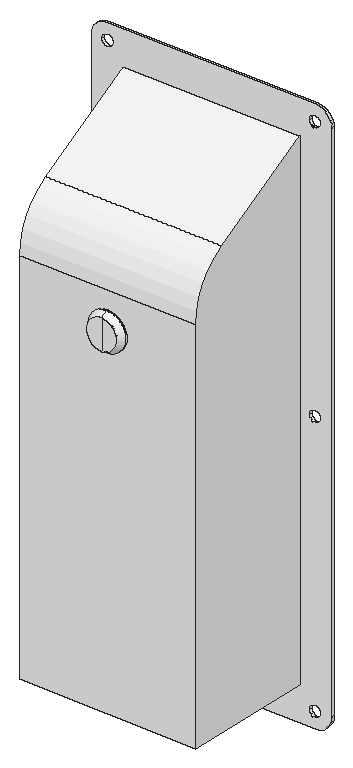
Revit family "KingswayGroup_TltPprDspnsrs_Anti-LigatureToiletTissueDispenser", category Specialty Equipment, Revit 2020
Family settings
  Round Connector Dimension = Use Diameter
  Part Type = Normal
  Work Plane-Based = No
  Always vertical = Yes
  Cut with Voids When Loaded = No
  Shared = No
  Room Calculation Point = No
Parameters
  WarrantyStartDate [instance] = "1900-12-31T23:59:59"
  WarrantyGuarantorParts = "sales@kingswaygroup.co.uk"
  WarrantyGuarantorLabor = "n/a"
  WarrantyDurationUnit = "year"
  WarrantyDurationParts = "5"
  WarrantyDurationLabor = "n/a"
  WarrantyDescription = "5-Year Guarantee *For faulty manufacture and not for damage"
  Version = "1"
  Uniclass2015Version = "Products v1.36"
  Uniclass2015Title = "Toilet paper dispensers"
  Uniclass2015Code = "Pr_40_70_22_90"
  URL = "https://kingswaygroupglobal.com/"
  TagNumber [instance] = "n/a"
  SustainabilityPerformance = "n/a"
  Size = "191 x 445 x 111 mm"
  Shape = "n/a"
  SerialNumber [instance] = "n/a"
  Revision = "n/a"
  ReplacementCost = "n/a"
  ProductInformation = "https://kingswaygroupglobal.com/product/anti-ligature-toilet-tissue-dispenser?noredirect=true"
  NominalWidth = 111 mm  # constant formula
  NominalLength = 191 mm  # constant formula
  NominalHeight = 445 mm  # constant formula
  Name = "ToiletPaperDispensers_Anti-LigatureToiletTissueDispenser_KG01_KingswayGroup"
  ModelReference = "Anti-Ligature Toilet Tissue Dispenser"
  ModelNumber = "KG01"
  Model = ModelNumber  # "KG01"
  DispenserMaterial = NBS_Concept
  Material = "Stainless Steel"
  ManufacturerURL = "https://kingswaygroupglobal.com/"
  ManufacturerName = "Kingsway Group"  # constant formula
  Manufacturer = ManufacturerName  # "Kingsway Group"
  InstallationDate [instance] = "1900-12-31T23:59:59"
  IfcExportType = "n/a"  # constant formula
  IfcExportAs = "n/a"  # constant formula
  Grade = "316"
  Finish = "For full range of available finishes and colours, contact Kingsway Group"
  Features = "A secure locking Anti-Ligature Toilet Tissue Dispenser manufactured from 316 grade stainless steel for high durability against corrosion and abuse. The KG01 Anti-Ligature Toilet Tissue Dispenser is designed to reduce risk and improve patient safety within the most challenging environments."
  ExpectedLife = "n/a"
  DurationUnit = "year"
  Description = "Toilet Tissue Dispenser"
  Default Elevation = 0 mm
  Constituents = "n/a"
  Color = "For full range of available finishes and colours, contact Kingsway Group"
  CodePerformance = "n/a"
  Category = "Pr_40_70_22_90:Toilet paper dispensers"
  BarCode [instance] = "n/a"
  BIMObjectName = "KingswayGroup_ToiletPaperDispensers_Anti-LigatureToiletTissueDispenser"
  Author = "Kingsway Group"  # constant formula
  AssetType = "Fixed"
  AssetIdentifier [instance] = "n/a"
  AccessibilityPerformance = "n/a"
Reference planes
  plane 1 "Center (Front/Back)": y = 0
  plane 2: z = 0
  plane 3 "Center (Left/Right)": x = 0
Forms (mm)
  Extrusion 1, solid, material "NBS_Concept" <- "DispenserMaterial"
    sketch origin (0, 0, 0) x (1, 0, 0) y (0, 0, 1)
      loop
        arc (-95.5, 12.691) -> (-91.783, 3.717) -> (-82.809, 0) r 12.691
        line (-82.809, 0) -> (82.809, 0)
        arc (82.809, 0) -> (91.783, 3.717) -> (95.5, 12.691) r 12.691
        line (95.5, 12.691) -> (95.5, 432.306)
        arc (95.5, 432.306) -> (91.782, 441.282) -> (82.806, 445) r 12.694
        line (82.806, 445) -> (-82.806, 445)
        arc (-82.806, 445) -> (-91.782, 441.282) -> (-95.5, 432.306) r 12.694
        line (-95.5, 432.306) -> (-95.5, 12.691)
      loop
        circle (-82.5, 432.5) r 4.512
      loop
        circle (82.5, 432.5) r 4.512
      loop
        circle (82.5, 222.5) r 4.512
      loop
        circle (82.5, 12.5) r 4.512
      loop
        circle (-82.5, 222.5) r 4.512
      loop
        circle (-82.5, 12.5) r 4.512
    from 0 to 2
  Extrusion 2, solid, material "NBS_Concept" <- "DispenserMaterial"
    sketch origin (-70, 0, 0) x (0, 1, 0) y (0, 0, 1)
      loop
        line (-2, 27.003) -> (-2, 418.003) -> (-78.982, 373.565)
        arc (-78.982, 373.565) -> (-98.028, 354.52) -> (-105, 328.503) r 52.031
        line (-105, 328.503) -> (-105, 27.003) -> (-2, 27.003)
    from 0 to 140
  Revolve 3, solid, material "NBS_Concept" <- "DispenserMaterial"
    sketch origin (-0.069, 1.751, 250.527) x (0, 1, 0) y (0, 0, 1)
      loop
        line (-106.751, 64.103) -> (-107.646, 64.103) -> (-112.751, 61.035) -> (-112.751, 49.103) -> (-106.751, 49.103) -> (-106.751, 64.103)
      axis (-106.751, 49.103) -> (-112.751, 49.103)
    angle from 0 to 360
  Extrusion 4, solid, material "NBS_Concept" <- "DispenserMaterial"
    sketch origin (-67.678, -103.262, -109.347) x (0, 1, 0) y (0, 0, 1)
      loop
        line (0, 169.575) -> (0, 136.35) -> (36.039, 136.35)
        arc (36.039, 136.35) -> (39.015, 139.384) -> (37.465, 143.342) r 3.91
        line (37.465, 143.342) -> (0, 169.575)
      loop
        line (101.262, 168.94) -> (64.85, 143.445)
        arc (64.85, 143.445) -> (63.368, 139.077) -> (67.087, 136.35) r 3.9
        line (67.087, 136.35) -> (101.262, 136.35) -> (101.262, 168.94)
    from 0 to 1.5
  Extrusion 5, solid, material "NBS_Concept" <- "DispenserMaterial"
    sketch origin (-141.2, -103.262, -109.347) x (0, 1, 0) y (0, 0, 1)
      loop
        line (0, 136.35) -> (35.6, 136.35)
        arc (35.6, 136.35) -> (36.35, 137.1) -> (35.6, 137.85) r 0.75
        line (35.6, 137.85) -> (0, 137.85) -> (0, 136.35)
      loop
        line (101.262, 137.85) -> (65.742, 137.85)
        arc (65.742, 137.85) -> (64.992, 137.1) -> (65.742, 136.35) r 0.75
        line (65.742, 136.35) -> (101.262, 136.35) -> (101.262, 137.85)
    from 75.022 to 207.377
  Extrusion 6, solid, material "NBS_Concept" <- "DispenserMaterial"
    sketch origin (66.178, -103.262, -109.347) x (0, 1, 0) y (0, 0, 1)
      loop
        line (0, 169.575) -> (0, 136.35) -> (36.039, 136.35)
        arc (36.039, 136.35) -> (39.015, 139.384) -> (37.465, 143.342) r 3.91
        line (37.465, 143.342) -> (0, 169.575)
      loop
        line (101.262, 168.94) -> (64.85, 143.445)
        arc (64.85, 143.445) -> (63.368, 139.077) -> (67.087, 136.35) r 3.9
        line (67.087, 136.35) -> (101.262, 136.35) -> (101.262, 168.94)
    from 0 to 1.5
  Extrusion 7, void
    sketch origin (-67.978, 0, 0) x (0, 1, 0) y (0, 0, 1)
      loop
        line (-103, 27.003) -> (-2, 27.003) -> (-2, 415.694) -> (-77.982, 371.833)
        arc (-77.982, 371.833) -> (-96.296, 353.52) -> (-103, 328.503) r 50.031
        line (-103, 328.503) -> (-103, 27.003)
    from 0 to 136
Cuts and joins
  Extrusion 7 cuts Extrusion 2
Lines and regions (mm)
  model lines, not visible
    curve 1: arc (16.215, -108.048, 265.753) -> (17.404, -108.048, 265.533) -> (18.352, -108.048, 266.283) r 1.463
    curve 2: arc (18.352, -108.048, 267.697) -> (17.346, -108.048, 268.4) -> (16.15, -108.048, 268.123) r 1.51
    curve 3: arc (16.15, -108.048, 268.123) -> (15.626, -108.048, 266.923) -> (16.215, -108.048, 265.753) r 1.54
    curve 4: arc (15.178, -108.048, 266.958) -> (15.376, -108.048, 266.079) -> (15.958, -108.048, 265.391) r 1.894
    curve 5: arc (17.05, -108.048, 265.046) -> (17.782, -108.048, 265.2) -> (18.368, -108.048, 265.664) r 1.629
    curve 6: arc (6.967, -108.048, 268.87) -> (6.12, -108.048, 268.597) -> (5.722, -108.048, 267.802) r 1.15
    curve 7: arc (7.023, -108.048, 265.046) -> (7.896, -108.048, 265.321) -> (8.293, -108.048, 266.146) r 1.152
    curve 8: arc (6.991, -108.048, 265.48) -> (7.544, -108.048, 265.629) -> (7.835, -108.048, 266.122) r 0.759
    curve 9: arc (10.197, -108.048, 260.701) -> (9.002, -108.048, 260.977) -> (7.995, -108.048, 260.275) r 1.511
    curve 10: arc (7.995, -108.048, 258.861) -> (8.944, -108.048, 258.112) -> (10.133, -108.048, 258.331) r 1.464
    curve 11: arc (10.133, -108.048, 258.331) -> (10.722, -108.048, 259.501) -> (10.197, -108.048, 260.701) r 1.54
    curve 12: arc (11.169, -108.048, 259.536) -> (10.994, -108.048, 260.363) -> (10.486, -108.048, 261.039) r 1.96
    curve 13: arc (10.39, -108.048, 257.969) -> (10.974, -108.048, 258.656) -> (11.169, -108.048, 259.536) r 1.873
    curve 14: arc (7.995, -108.048, 258.226) -> (8.575, -108.048, 257.772) -> (9.297, -108.048, 257.624) r 1.607
    curve 15: arc (3.36, -108.048, 259.488) -> (3.387, -108.048, 258.997) -> (3.568, -108.048, 258.54) r 1.527
    curve 16: arc (3.568, -108.048, 258.54) -> (3.969, -108.048, 258.182) -> (4.493, -108.048, 258.058) r 1.095
    curve 17: arc (4.493, -108.048, 258.058) -> (5.207, -108.048, 258.273) -> (5.714, -108.048, 258.821) r 1.419
    curve 18: arc (4.493, -108.048, 257.624) -> (5.176, -108.048, 257.774) -> (5.73, -108.048, 258.202) r 1.594
    curve 19: arc (3.119, -108.048, 258.379) -> (3.702, -108.048, 257.812) -> (4.493, -108.048, 257.624) r 1.533
    curve 20: arc (0.049, -108.048, 258.058) -> (1.499, -108.048, 259.536) -> (0.049, -108.048, 261.014) r 1.479
    curve 21: arc (0.049, -108.048, 261.014) -> (-1.4, -108.048, 259.536) -> (0.049, -108.048, 258.058) r 1.479
    curve 22: arc (0.049, -108.048, 261.449) -> (-1.855, -108.048, 259.536) -> (0.049, -108.048, 257.624) r 1.912
    curve 23: arc (0.049, -108.048, 257.624) -> (1.954, -108.048, 259.536) -> (0.049, -108.048, 261.449) r 1.912
    curve 24: arc (-2.594, -108.048, 261.449) -> (-3.241, -108.048, 261.309) -> (-3.751, -108.048, 260.886) r 1.392
    curve 25: arc (-2.602, -108.048, 261.014) -> (-3.299, -108.048, 260.782) -> (-3.751, -108.048, 260.203) r 1.269
    curve 26: arc (-4.948, -108.048, 270.469) -> (-5.352, -108.048, 270.064) -> (-4.948, -108.048, 269.658) r 0.406
    curve 27: arc (-4.948, -108.048, 269.658) -> (-4.539, -108.048, 270.064) -> (-4.948, -108.048, 270.469) r 0.406
    curve 28: arc (-1.622, -108.048, 268.437) -> (-2.36, -108.048, 268.227) -> (-2.892, -108.048, 267.673) r 1.465
    curve 29: arc (-0.666, -108.048, 267.946) -> (-1.082, -108.048, 268.311) -> (-1.622, -108.048, 268.437) r 1.142
    curve 30: arc (-0.457, -108.048, 267.046) -> (-0.485, -108.048, 267.514) -> (-0.666, -108.048, 267.946) r 1.41
    curve 31: arc (0.001, -108.048, 267.078) -> (-0.055, -108.048, 267.692) -> (-0.312, -108.048, 268.252) r 1.835
    curve 32: arc (-0.312, -108.048, 268.252) -> (-0.888, -108.048, 268.719) -> (-1.614, -108.048, 268.87) r 1.574
    curve 33: arc (0.965, -108.048, 266.958) -> (1.163, -108.048, 266.079) -> (1.745, -108.048, 265.391) r 1.894
    curve 34: arc (2.838, -108.048, 265.046) -> (3.558, -108.048, 265.196) -> (4.139, -108.048, 265.648) r 1.629
    curve 35: arc (2.813, -108.048, 263.551) -> (3.495, -108.048, 263.693) -> (3.995, -108.048, 264.178) r 1.246
    curve 36: arc (1.503, -108.048, 264.258) -> (2.064, -108.048, 263.73) -> (2.813, -108.048, 263.551) r 1.499
    curve 37: arc (1.142, -108.048, 263.993) -> (1.861, -108.048, 263.341) -> (2.805, -108.048, 263.117) r 1.95
    curve 38: arc (2.805, -108.048, 263.117) -> (3.723, -108.048, 263.308) -> (4.396, -108.048, 263.961) r 1.681
    curve 39: arc (-9.994, -108.048, 260.516) -> (-9.32, -108.048, 258.79) -> (-7.608, -108.048, 258.082) r 2.361
    curve 40: arc (-7.656, -108.048, 262.951) -> (-9.341, -108.048, 262.229) -> (-9.994, -108.048, 260.516) r 2.35
    curve 41: arc (-7.656, -108.048, 263.409) -> (-9.678, -108.048, 262.56) -> (-10.476, -108.048, 260.516) r 2.813
    curve 42: arc (-10.476, -108.048, 260.516) -> (-9.652, -108.048, 258.448) -> (-7.584, -108.048, 257.624) r 2.817
    curve 43: arc (-7.584, -108.048, 257.624) -> (-6.381, -108.048, 257.901) -> (-5.414, -108.048, 258.668) r 2.799
    curve 44: arc (2.002, -108.048, 265.753) -> (3.191, -108.048, 265.533) -> (4.139, -108.048, 266.283) r 1.464
    curve 45: arc (4.139, -108.048, 267.697) -> (3.133, -108.048, 268.402) -> (1.938, -108.048, 268.123) r 1.505
    curve 46: arc (1.938, -108.048, 268.123) -> (1.413, -108.048, 266.923) -> (2.002, -108.048, 265.753) r 1.54
    curve 47: line (-21.343, -108.048, 258.387) -> (-25.268, -108.048, 258.387)
    curve 48: line (-25.268, -108.048, 258.387) -> (-25.268, -108.048, 257.781)
    curve 49: line (-25.268, -108.048, 257.781) -> (-21.343, -108.048, 257.781)
    curve 50: line (-21.343, -108.048, 257.781) -> (-21.343, -108.048, 258.387)
    curve 51: line (-18.274, -108.048, 257.76) -> (-20.415, -108.048, 260.48)
    curve 52: line (-20.415, -108.048, 260.48) -> (-25.268, -108.048, 260.48)
    curve 53: line (-25.268, -108.048, 260.48) -> (-25.268, -108.048, 259.875)
    curve 54: line (-25.268, -108.048, 259.875) -> (-20.709, -108.048, 259.875)
    curve 55: line (-20.709, -108.048, 259.875) -> (-19.045, -108.048, 257.76)
    curve 56: line (-19.045, -108.048, 257.76) -> (-18.274, -108.048, 257.76)
    curve 57: line (-21.343, -108.048, 270.94) -> (-25.268, -108.048, 270.94)
    curve 58: line (-25.268, -108.048, 270.94) -> (-25.268, -108.048, 270.334)
    curve 59: line (-25.268, -108.048, 270.334) -> (-21.343, -108.048, 270.334)
    curve 60: line (-21.343, -108.048, 270.334) -> (-21.343, -108.048, 270.94)
    curve 61: line (-25.268, -108.048, 266.752) -> (-25.268, -108.048, 266.147)
    curve 62: line (-25.268, -108.048, 266.147) -> (-19.332, -108.048, 266.147)
    curve 63: line (-19.332, -108.048, 266.147) -> (-15.543, -108.048, 270.96)
    curve 64: line (-15.543, -108.048, 270.96) -> (-16.314, -108.048, 270.96)
    curve 65: line (-16.314, -108.048, 270.96) -> (-19.626, -108.048, 266.752)
    curve 66: line (-19.626, -108.048, 266.752) -> (-25.268, -108.048, 266.752)
    curve 67: line (-25.268, -108.048, 262.574) -> (-25.268, -108.048, 261.968)
    curve 68: line (-25.268, -108.048, 261.968) -> (-19.626, -108.048, 261.968)
    curve 69: line (-19.626, -108.048, 261.968) -> (-16.314, -108.048, 257.76)
    curve 70: line (-16.314, -108.048, 257.76) -> (-15.543, -108.048, 257.76)
    curve 71: line (-15.543, -108.048, 257.76) -> (-19.332, -108.048, 262.574)
    curve 72: line (-19.332, -108.048, 262.574) -> (-25.268, -108.048, 262.574)
    curve 73: line (-25.268, -108.048, 268.846) -> (-25.268, -108.048, 268.24)
    curve 74: line (-25.268, -108.048, 268.24) -> (-20.415, -108.048, 268.24)
    curve 75: line (-20.415, -108.048, 268.24) -> (-18.274, -108.048, 270.96)
    curve 76: line (-18.274, -108.048, 270.96) -> (-19.045, -108.048, 270.96)
    curve 77: line (-19.045, -108.048, 270.96) -> (-20.709, -108.048, 268.846)
    curve 78: line (-20.709, -108.048, 268.846) -> (-25.268, -108.048, 268.846)
    curve 79: line (18.352, -108.048, 266.283) -> (18.352, -108.048, 267.697)
    curve 80: line (18.368, -108.048, 265.664) -> (18.368, -108.048, 265.126)
    curve 81: line (18.368, -108.048, 265.126) -> (18.81, -108.048, 265.126)
    curve 82: line (18.81, -108.048, 265.126) -> (18.81, -108.048, 268.79)
    curve 83: line (18.81, -108.048, 268.79) -> (18.368, -108.048, 268.79)
    curve 84: line (18.368, -108.048, 268.79) -> (18.368, -108.048, 268.284)
    curve 85: line (18.368, -108.048, 268.284) -> (17.69, -108.048, 268.75)
    curve 86: line (17.69, -108.048, 268.75) -> (17.026, -108.048, 268.87)
    curve 87: line (17.026, -108.048, 268.87) -> (16.322, -108.048, 268.732)
    curve 88: line (16.322, -108.048, 268.732) -> (15.861, -108.048, 268.46)
    curve 89: line (15.861, -108.048, 268.46) -> (15.323, -108.048, 267.712)
    curve 90: line (15.323, -108.048, 267.712) -> (15.178, -108.048, 266.958)
    curve 91: line (15.958, -108.048, 265.391) -> (16.576, -108.048, 265.104)
    curve 92: line (16.576, -108.048, 265.104) -> (17.05, -108.048, 265.046)
    curve 93: line (10.566, -108.048, 265.126) -> (11.756, -108.048, 268.043)
    curve 94: line (11.756, -108.048, 268.043) -> (12.945, -108.048, 265.126)
    curve 95: line (12.945, -108.048, 265.126) -> (13.242, -108.048, 265.126)
    curve 96: line (13.242, -108.048, 265.126) -> (14.656, -108.048, 268.79)
    curve 97: line (14.656, -108.048, 268.79) -> (14.182, -108.048, 268.79)
    curve 98: line (14.182, -108.048, 268.79) -> (13.074, -108.048, 265.913)
    curve 99: line (13.074, -108.048, 265.913) -> (11.9, -108.048, 268.79)
    curve 100: line (11.9, -108.048, 268.79) -> (11.611, -108.048, 268.79)
    curve 101: line (11.611, -108.048, 268.79) -> (10.438, -108.048, 265.913)
    curve 102: line (10.438, -108.048, 265.913) -> (9.329, -108.048, 268.79)
    curve 103: line (9.329, -108.048, 268.79) -> (8.855, -108.048, 268.79)
    curve 104: line (8.855, -108.048, 268.79) -> (10.269, -108.048, 265.126)
    curve 105: line (10.269, -108.048, 265.126) -> (10.566, -108.048, 265.126)
    curve 106: line (5.722, -108.048, 267.802) -> (5.763, -108.048, 267.523)
    curve 107: line (5.763, -108.048, 267.523) -> (5.878, -108.048, 267.307)
    curve 108: line (5.878, -108.048, 267.307) -> (6.052, -108.048, 267.143)
    curve 109: line (6.052, -108.048, 267.143) -> (6.778, -108.048, 266.845)
    curve 110: line (6.778, -108.048, 266.845) -> (7.505, -108.048, 266.605)
    curve 111: line (7.505, -108.048, 266.605) -> (7.744, -108.048, 266.413)
    curve 112: line (7.811, -108.048, 266.282) -> (7.835, -108.048, 266.122)
    curve 113: line (8.293, -108.048, 266.146) -> (8.251, -108.048, 266.434)
    curve 114: line (8.251, -108.048, 266.434) -> (8.136, -108.048, 266.66)
    curve 115: line (8.136, -108.048, 266.66) -> (7.963, -108.048, 266.834)
    curve 116: line (7.963, -108.048, 266.834) -> (7.236, -108.048, 267.156)
    curve 117: line (7.236, -108.048, 267.156) -> (6.51, -108.048, 267.388)
    curve 118: line (6.51, -108.048, 267.388) -> (6.27, -108.048, 267.558)
    curve 119: line (6.179, -108.048, 267.81) -> (6.221, -108.048, 268.025)
    curve 120: line (6.221, -108.048, 268.025) -> (6.333, -108.048, 268.194)
    curve 121: line (6.333, -108.048, 268.194) -> (6.498, -108.048, 268.318)
    curve 122: line (6.498, -108.048, 268.318) -> (6.991, -108.048, 268.437)
    curve 123: line (6.991, -108.048, 268.437) -> (7.524, -108.048, 268.344)
    curve 124: line (7.524, -108.048, 268.344) -> (7.907, -108.048, 268.139)
    curve 125: line (7.907, -108.048, 268.139) -> (8.148, -108.048, 268.517)
    curve 126: line (8.148, -108.048, 268.517) -> (7.569, -108.048, 268.785)
    curve 127: line (7.569, -108.048, 268.785) -> (6.967, -108.048, 268.87)
    curve 128: line (6.991, -108.048, 265.48) -> (6.334, -108.048, 265.63)
    curve 129: line (6.334, -108.048, 265.63) -> (5.882, -108.048, 265.921)
    curve 130: line (5.882, -108.048, 265.921) -> (5.601, -108.048, 265.568)
    curve 131: line (5.601, -108.048, 265.568) -> (6.291, -108.048, 265.163)
    curve 132: line (6.291, -108.048, 265.163) -> (7.023, -108.048, 265.046)
    curve 133: line (-6.659, -108.048, 265.126) -> (-6.017, -108.048, 265.126)
    curve 134: line (-6.017, -108.048, 265.126) -> (-9.038, -108.048, 268.091)
    curve 135: line (-9.038, -108.048, 268.091) -> (-6.258, -108.048, 270.751)
    curve 136: line (-6.258, -108.048, 270.751) -> (-6.9, -108.048, 270.751)
    curve 137: line (-6.9, -108.048, 270.751) -> (-9.552, -108.048, 268.228)
    curve 138: line (-9.552, -108.048, 268.228) -> (-9.552, -108.048, 270.751)
    curve 139: line (-9.552, -108.048, 270.751) -> (-10.034, -108.048, 270.751)
    curve 140: line (-10.034, -108.048, 270.751) -> (-10.034, -108.048, 265.126)
    curve 141: line (-10.034, -108.048, 265.126) -> (-9.552, -108.048, 265.126)
    curve 142: line (-9.552, -108.048, 265.126) -> (-9.552, -108.048, 267.97)
    curve 143: line (-9.552, -108.048, 267.97) -> (-6.659, -108.048, 265.126)
    curve 144: line (7.995, -108.048, 260.275) -> (7.995, -108.048, 258.861)
    curve 145: line (9.297, -108.048, 257.624) -> (9.904, -108.048, 257.721)
    curve 146: line (9.904, -108.048, 257.721) -> (10.39, -108.048, 257.969)
    curve 147: line (10.486, -108.048, 261.039) -> (9.883, -108.048, 261.361)
    curve 148: line (9.883, -108.048, 261.361) -> (9.321, -108.048, 261.449)
    curve 149: line (9.321, -108.048, 261.449) -> (8.494, -108.048, 261.256)
    curve 150: line (8.494, -108.048, 261.256) -> (7.979, -108.048, 260.862)
    curve 151: line (7.979, -108.048, 260.862) -> (7.979, -108.048, 261.368)
    curve 152: line (7.979, -108.048, 261.368) -> (7.538, -108.048, 261.368)
    curve 153: line (7.538, -108.048, 261.368) -> (7.538, -108.048, 255.776)
    curve 154: line (7.538, -108.048, 255.776) -> (7.995, -108.048, 255.776)
    curve 155: line (7.995, -108.048, 255.776) -> (7.995, -108.048, 258.226)
    curve 156: line (-12.812, -108.048, 270.96) -> (-13.582, -108.048, 270.96)
    curve 157: line (-13.582, -108.048, 270.96) -> (-18.543, -108.048, 264.658)
    curve 158: line (-18.543, -108.048, 264.658) -> (-25.268, -108.048, 264.658)
    curve 159: line (-25.268, -108.048, 264.658) -> (-25.268, -108.048, 264.053)
    curve 160: line (-25.268, -108.048, 264.053) -> (-18.543, -108.048, 264.053)
    curve 161: line (-18.543, -108.048, 264.053) -> (-13.59, -108.048, 257.76)
    curve 162: line (-13.59, -108.048, 257.76) -> (-12.819, -108.048, 257.76)
    curve 163: line (-12.819, -108.048, 257.76) -> (-18.011, -108.048, 264.356)
    curve 164: line (-18.011, -108.048, 264.356) -> (-12.812, -108.048, 270.96)
    curve 165: line (3.36, -108.048, 259.488) -> (3.36, -108.048, 261.368)
    curve 166: line (3.36, -108.048, 261.368) -> (2.902, -108.048, 261.368)
    curve 167: line (2.902, -108.048, 261.368) -> (2.902, -108.048, 259.416)
    curve 168: line (2.902, -108.048, 259.416) -> (2.973, -108.048, 258.748)
    curve 169: line (2.973, -108.048, 258.748) -> (3.119, -108.048, 258.379)
    curve 170: line (5.73, -108.048, 258.202) -> (5.73, -108.048, 257.704)
    curve 171: line (5.73, -108.048, 257.704) -> (6.172, -108.048, 257.704)
    curve 172: line (6.172, -108.048, 257.704) -> (6.172, -108.048, 261.368)
    curve 173: line (6.172, -108.048, 261.368) -> (5.714, -108.048, 261.368)
    curve 174: line (5.714, -108.048, 261.368) -> (5.714, -108.048, 258.821)
    curve 175: line (-3.751, -108.048, 260.886) -> (-3.751, -108.048, 261.368)
    curve 176: line (-3.751, -108.048, 261.368) -> (-4.209, -108.048, 261.368)
    curve 177: line (-4.209, -108.048, 261.368) -> (-4.209, -108.048, 257.704)
    curve 178: line (-4.209, -108.048, 257.704) -> (-3.751, -108.048, 257.704)
    curve 179: line (-3.751, -108.048, 257.704) -> (-3.751, -108.048, 260.203)
    curve 180: line (-2.385, -108.048, 261.007) -> (-2.602, -108.048, 261.014)
    curve 181: line (-2.602, -108.048, 261.014) -> (-2.385, -108.048, 261.007)
    curve 182: line (-2.385, -108.048, 261.007) -> (-2.321, -108.048, 261.433)
    curve 183: line (20.264, -108.048, 263.198) -> (20.746, -108.048, 263.198)
    curve 184: line (20.746, -108.048, 263.198) -> (23.285, -108.048, 268.79)
    curve 185: line (23.285, -108.048, 268.79) -> (22.795, -108.048, 268.79)
    curve 186: line (22.795, -108.048, 268.79) -> (21.502, -108.048, 265.946)
    curve 187: line (21.502, -108.048, 265.946) -> (20.127, -108.048, 268.79)
    curve 188: line (20.127, -108.048, 268.79) -> (19.613, -108.048, 268.79)
    curve 189: line (19.613, -108.048, 268.79) -> (21.269, -108.048, 265.423)
    curve 190: line (21.269, -108.048, 265.423) -> (20.264, -108.048, 263.198)
    curve 191: line (-0.457, -108.048, 267.046) -> (-0.457, -108.048, 265.126)
    curve 192: line (-0.457, -108.048, 265.126) -> (0.001, -108.048, 265.126)
    curve 193: line (0.001, -108.048, 265.126) -> (0.001, -108.048, 267.078)
    curve 194: line (-1.614, -108.048, 268.87) -> (-2.421, -108.048, 268.683)
    curve 195: line (-2.421, -108.048, 268.683) -> (-2.908, -108.048, 268.276)
    curve 196: line (-2.908, -108.048, 268.276) -> (-2.908, -108.048, 268.79)
    curve 197: line (-2.908, -108.048, 268.79) -> (-3.35, -108.048, 268.79)
    curve 198: line (-3.35, -108.048, 268.79) -> (-3.35, -108.048, 265.126)
    curve 199: line (-3.35, -108.048, 265.126) -> (-2.892, -108.048, 265.126)
    curve 200: line (-2.892, -108.048, 265.126) -> (-2.892, -108.048, 267.673)
    curve 201: line (1.745, -108.048, 265.391) -> (2.364, -108.048, 265.104)
    curve 202: line (2.364, -108.048, 265.104) -> (2.838, -108.048, 265.046)
    curve 203: line (4.139, -108.048, 265.648) -> (4.139, -108.048, 265.126)
    curve 204: line (4.139, -108.048, 265.126) -> (4.1, -108.048, 264.511)
    curve 205: line (4.1, -108.048, 264.511) -> (3.995, -108.048, 264.178)
    curve 206: line (1.503, -108.048, 264.258) -> (1.142, -108.048, 263.993)
    curve 207: line (4.396, -108.048, 263.961) -> (4.564, -108.048, 264.528)
    curve 208: line (4.564, -108.048, 264.528) -> (4.597, -108.048, 265.142)
    curve 209: line (4.597, -108.048, 265.142) -> (4.597, -108.048, 268.79)
    curve 210: line (4.597, -108.048, 268.79) -> (4.155, -108.048, 268.79)
    curve 211: line (4.155, -108.048, 268.79) -> (4.155, -108.048, 268.284)
    curve 212: line (4.155, -108.048, 268.284) -> (3.476, -108.048, 268.75)
    curve 213: line (3.476, -108.048, 268.75) -> (2.813, -108.048, 268.87)
    curve 214: line (2.813, -108.048, 268.87) -> (2.109, -108.048, 268.732)
    curve 215: line (2.109, -108.048, 268.732) -> (1.648, -108.048, 268.46)
    curve 216: line (1.648, -108.048, 268.46) -> (1.11, -108.048, 267.712)
    curve 217: line (1.11, -108.048, 267.712) -> (0.965, -108.048, 266.958)
    curve 218: line (-5.414, -108.048, 258.668) -> (-5.414, -108.048, 261.039)
    curve 219: line (-5.414, -108.048, 261.039) -> (-7.744, -108.048, 261.039)
    curve 220: line (-7.744, -108.048, 261.039) -> (-7.744, -108.048, 260.581)
    curve 221: line (-7.744, -108.048, 260.581) -> (-5.896, -108.048, 260.581)
    curve 222: line (-5.896, -108.048, 260.581) -> (-5.896, -108.048, 258.789)
    curve 223: line (-5.896, -108.048, 258.789) -> (-6.756, -108.048, 258.233)
    curve 224: line (-6.756, -108.048, 258.233) -> (-7.608, -108.048, 258.082)
    curve 225: line (-7.656, -108.048, 262.951) -> (-6.582, -108.048, 262.7)
    curve 226: line (-6.582, -108.048, 262.7) -> (-5.944, -108.048, 262.22)
    curve 227: line (-5.944, -108.048, 262.22) -> (-5.615, -108.048, 262.549)
    curve 228: line (-5.615, -108.048, 262.549) -> (-6.645, -108.048, 263.231)
    curve 229: line (-6.645, -108.048, 263.231) -> (-7.656, -108.048, 263.409)
    curve 230: line (-4.715, -108.048, 265.126) -> (-4.715, -108.048, 268.79)
    curve 231: line (-4.715, -108.048, 268.79) -> (-5.173, -108.048, 268.79)
    curve 232: line (-5.173, -108.048, 268.79) -> (-5.173, -108.048, 265.126)
    curve 233: line (-5.173, -108.048, 265.126) -> (-4.715, -108.048, 265.126)
    curve 234: line (4.139, -108.048, 266.283) -> (4.139, -108.048, 267.697)
  model lines
    curve 235: arc (17.207, -105, 274.654) -> (18.396, -105, 274.434) -> (19.344, -105, 275.184) r 1.463
    curve 236: arc (19.344, -105, 276.598) -> (18.338, -105, 277.301) -> (17.142, -105, 277.024) r 1.51
    curve 237: arc (17.142, -105, 277.024) -> (16.618, -105, 275.824) -> (17.207, -105, 274.654) r 1.54
    curve 238: arc (16.17, -105, 275.859) -> (16.368, -105, 274.98) -> (16.95, -105, 274.292) r 1.894
    curve 239: arc (18.043, -105, 273.947) -> (18.774, -105, 274.101) -> (19.36, -105, 274.566) r 1.629
    curve 240: arc (7.959, -105, 277.772) -> (7.112, -105, 277.498) -> (6.714, -105, 276.703) r 1.15
    curve 241: arc (8.015, -105, 273.947) -> (8.888, -105, 274.222) -> (9.285, -105, 275.048) r 1.152
    curve 242: arc (7.983, -105, 274.381) -> (8.536, -105, 274.53) -> (8.827, -105, 275.024) r 0.759
    curve 243: arc (11.189, -105, 269.603) -> (9.994, -105, 269.879) -> (8.988, -105, 269.177) r 1.511
    curve 244: arc (8.988, -105, 267.763) -> (9.936, -105, 267.013) -> (11.125, -105, 267.232) r 1.464
    curve 245: arc (11.125, -105, 267.232) -> (11.714, -105, 268.402) -> (11.189, -105, 269.603) r 1.54
    curve 246: arc (12.161, -105, 268.437) -> (11.986, -105, 269.264) -> (11.478, -105, 269.94) r 1.96
    curve 247: arc (11.382, -105, 266.87) -> (11.966, -105, 267.557) -> (12.161, -105, 268.437) r 1.873
    curve 248: arc (8.988, -105, 267.128) -> (9.567, -105, 266.673) -> (10.289, -105, 266.525) r 1.607
    curve 249: arc (4.352, -105, 268.389) -> (4.379, -105, 267.898) -> (4.561, -105, 267.441) r 1.527
    curve 250: arc (4.561, -105, 267.441) -> (4.962, -105, 267.083) -> (5.485, -105, 266.959) r 1.095
    curve 251: arc (5.485, -105, 266.959) -> (6.199, -105, 267.174) -> (6.706, -105, 267.722) r 1.419
    curve 252: arc (5.485, -105, 266.525) -> (6.169, -105, 266.675) -> (6.722, -105, 267.103) r 1.594
    curve 253: arc (4.111, -105, 267.28) -> (4.694, -105, 266.714) -> (5.485, -105, 266.525) r 1.533
    curve 254: arc (1.041, -105, 266.959) -> (2.491, -105, 268.437) -> (1.041, -105, 269.916) r 1.479
    curve 255: arc (1.041, -105, 269.916) -> (-0.408, -105, 268.437) -> (1.041, -105, 266.959) r 1.479
    curve 256: arc (1.041, -105, 270.35) -> (-0.863, -105, 268.437) -> (1.041, -105, 266.525) r 1.912
    curve 257: arc (1.041, -105, 266.525) -> (2.946, -105, 268.437) -> (1.041, -105, 270.35) r 1.912
    curve 258: arc (-1.602, -105, 270.35) -> (-2.249, -105, 270.21) -> (-2.759, -105, 269.788) r 1.392
    curve 259: arc (-1.61, -105, 269.916) -> (-2.307, -105, 269.684) -> (-2.759, -105, 269.104) r 1.269
    curve 260: arc (-3.956, -105, 279.371) -> (-4.36, -105, 278.965) -> (-3.956, -105, 278.559) r 0.406
    curve 261: arc (-3.956, -105, 278.559) -> (-3.547, -105, 278.965) -> (-3.956, -105, 279.371) r 0.406
    curve 262: arc (-0.63, -105, 277.338) -> (-1.368, -105, 277.129) -> (-1.899, -105, 276.575) r 1.465
    curve 263: arc (0.327, -105, 276.848) -> (-0.09, -105, 277.212) -> (-0.63, -105, 277.338) r 1.142
    curve 264: arc (0.535, -105, 275.948) -> (0.507, -105, 276.415) -> (0.327, -105, 276.848) r 1.41
    curve 265: arc (0.993, -105, 275.98) -> (0.937, -105, 276.593) -> (0.68, -105, 277.153) r 1.835
    curve 266: arc (0.68, -105, 277.153) -> (0.104, -105, 277.62) -> (-0.622, -105, 277.772) r 1.574
    curve 267: arc (1.957, -105, 275.859) -> (2.155, -105, 274.98) -> (2.737, -105, 274.292) r 1.894
    curve 268: arc (3.83, -105, 273.947) -> (4.55, -105, 274.097) -> (5.131, -105, 274.55) r 1.629
    curve 269: arc (3.805, -105, 272.452) -> (4.487, -105, 272.594) -> (4.987, -105, 273.079) r 1.246
    curve 270: arc (2.496, -105, 273.159) -> (3.056, -105, 272.632) -> (3.805, -105, 272.452) r 1.499
    curve 271: arc (2.134, -105, 272.894) -> (2.853, -105, 272.243) -> (3.797, -105, 272.018) r 1.95
    curve 272: arc (3.797, -105, 272.018) -> (4.715, -105, 272.209) -> (5.388, -105, 272.862) r 1.681
    curve 273: arc (-9.002, -105, 269.418) -> (-8.328, -105, 267.691) -> (-6.616, -105, 266.983) r 2.361
    curve 274: arc (-6.664, -105, 271.852) -> (-8.349, -105, 271.131) -> (-9.002, -105, 269.418) r 2.35
    curve 275: arc (-6.664, -105, 272.311) -> (-8.686, -105, 271.461) -> (-9.484, -105, 269.418) r 2.813
    curve 276: arc (-9.484, -105, 269.418) -> (-8.66, -105, 267.349) -> (-6.591, -105, 266.525) r 2.817
    curve 277: arc (-6.591, -105, 266.525) -> (-5.389, -105, 266.802) -> (-4.422, -105, 267.57) r 2.799
    curve 278: arc (2.994, -105, 274.654) -> (4.183, -105, 274.434) -> (5.131, -105, 275.184) r 1.464
    curve 279: arc (5.131, -105, 276.599) -> (4.125, -105, 277.303) -> (2.93, -105, 277.024) r 1.505
    curve 280: arc (2.93, -105, 277.024) -> (2.405, -105, 275.824) -> (2.994, -105, 274.654) r 1.54
    curve 281: line (-20.351, -105, 267.288) -> (-24.276, -105, 267.288)
    curve 282: line (-24.276, -105, 267.288) -> (-24.276, -105, 266.682)
    curve 283: line (-24.276, -105, 266.682) -> (-20.351, -105, 266.682)
    curve 284: line (-20.351, -105, 266.682) -> (-20.351, -105, 267.288)
    curve 285: line (-17.282, -105, 266.661) -> (-19.423, -105, 269.382)
    curve 286: line (-19.423, -105, 269.382) -> (-24.276, -105, 269.382)
    curve 287: line (-24.276, -105, 269.382) -> (-24.276, -105, 268.776)
    curve 288: line (-24.276, -105, 268.776) -> (-19.717, -105, 268.776)
    curve 289: line (-19.717, -105, 268.776) -> (-18.053, -105, 266.661)
    curve 290: line (-18.053, -105, 266.661) -> (-17.282, -105, 266.661)
    curve 291: line (-20.351, -105, 279.841) -> (-24.276, -105, 279.841)
    curve 292: line (-24.276, -105, 279.841) -> (-24.276, -105, 279.235)
    curve 293: line (-24.276, -105, 279.235) -> (-20.351, -105, 279.235)
    curve 294: line (-20.351, -105, 279.235) -> (-20.351, -105, 279.841)
    curve 295: line (-24.276, -105, 275.653) -> (-24.276, -105, 275.048)
    curve 296: line (-24.276, -105, 275.048) -> (-18.34, -105, 275.048)
    curve 297: line (-18.34, -105, 275.048) -> (-14.551, -105, 279.862)
    curve 298: line (-14.551, -105, 279.862) -> (-15.321, -105, 279.862)
    curve 299: line (-15.321, -105, 279.862) -> (-18.634, -105, 275.653)
    curve 300: line (-18.634, -105, 275.653) -> (-24.276, -105, 275.653)
    curve 301: line (-24.276, -105, 271.475) -> (-24.276, -105, 270.87)
    curve 302: line (-24.276, -105, 270.87) -> (-18.634, -105, 270.87)
    curve 303: line (-18.634, -105, 270.87) -> (-15.321, -105, 266.662)
    curve 304: line (-15.321, -105, 266.662) -> (-14.551, -105, 266.662)
    curve 305: line (-14.551, -105, 266.662) -> (-18.34, -105, 271.475)
    curve 306: line (-18.34, -105, 271.475) -> (-24.276, -105, 271.475)
    curve 307: line (-24.276, -105, 277.747) -> (-24.276, -105, 277.142)
    curve 308: line (-24.276, -105, 277.142) -> (-19.423, -105, 277.142)
    curve 309: line (-19.423, -105, 277.142) -> (-17.282, -105, 279.862)
    curve 310: line (-17.282, -105, 279.862) -> (-18.053, -105, 279.862)
    curve 311: line (-18.053, -105, 279.862) -> (-19.717, -105, 277.747)
    curve 312: line (-19.717, -105, 277.747) -> (-24.276, -105, 277.747)
    curve 313: line (19.344, -105, 275.184) -> (19.344, -105, 276.598)
    curve 314: line (19.36, -105, 274.566) -> (19.36, -105, 274.027)
    curve 315: line (19.36, -105, 274.027) -> (19.802, -105, 274.027)
    curve 316: line (19.802, -105, 274.027) -> (19.802, -105, 277.691)
    curve 317: line (19.802, -105, 277.691) -> (19.36, -105, 277.691)
    curve 318: line (19.36, -105, 277.691) -> (19.36, -105, 277.185)
    curve 319: line (19.36, -105, 277.185) -> (18.682, -105, 277.651)
    curve 320: line (18.682, -105, 277.651) -> (18.018, -105, 277.772)
    curve 321: line (18.018, -105, 277.772) -> (17.314, -105, 277.633)
    curve 322: line (17.314, -105, 277.633) -> (16.853, -105, 277.362)
    curve 323: line (16.853, -105, 277.362) -> (16.315, -105, 276.614)
    curve 324: line (16.315, -105, 276.614) -> (16.17, -105, 275.859)
    curve 325: line (16.95, -105, 274.292) -> (17.568, -105, 274.005)
    curve 326: line (17.568, -105, 274.005) -> (18.043, -105, 273.947)
    curve 327: line (11.558, -105, 274.027) -> (12.748, -105, 276.944)
    curve 328: line (12.748, -105, 276.944) -> (13.937, -105, 274.027)
    curve 329: line (13.937, -105, 274.027) -> (14.234, -105, 274.027)
    curve 330: line (14.234, -105, 274.027) -> (15.648, -105, 277.691)
    curve 331: line (15.648, -105, 277.691) -> (15.174, -105, 277.691)
    curve 332: line (15.174, -105, 277.691) -> (14.066, -105, 274.815)
    curve 333: line (14.066, -105, 274.815) -> (12.892, -105, 277.691)
    curve 334: line (12.892, -105, 277.691) -> (12.603, -105, 277.691)
    curve 335: line (12.603, -105, 277.691) -> (11.43, -105, 274.815)
    curve 336: line (11.43, -105, 274.815) -> (10.321, -105, 277.691)
    curve 337: line (10.321, -105, 277.691) -> (9.847, -105, 277.691)
    curve 338: line (9.847, -105, 277.691) -> (11.261, -105, 274.027)
    curve 339: line (11.261, -105, 274.027) -> (11.558, -105, 274.027)
    curve 340: line (6.714, -105, 276.703) -> (6.755, -105, 276.425)
    curve 341: line (6.755, -105, 276.425) -> (6.87, -105, 276.209)
    curve 342: line (6.87, -105, 276.209) -> (7.044, -105, 276.044)
    curve 343: line (7.044, -105, 276.044) -> (7.77, -105, 275.746)
    curve 344: line (7.77, -105, 275.746) -> (8.497, -105, 275.506)
    curve 345: line (8.497, -105, 275.506) -> (8.736, -105, 275.314)
    curve 346: line (8.803, -105, 275.184) -> (8.827, -105, 275.024)
    curve 347: line (9.285, -105, 275.048) -> (9.243, -105, 275.335)
    curve 348: line (9.243, -105, 275.335) -> (9.128, -105, 275.561)
    curve 349: line (9.128, -105, 275.561) -> (8.955, -105, 275.736)
    curve 350: line (8.955, -105, 275.736) -> (8.228, -105, 276.057)
    curve 351: line (8.228, -105, 276.057) -> (7.502, -105, 276.289)
    curve 352: line (7.502, -105, 276.289) -> (7.262, -105, 276.459)
    curve 353: line (7.171, -105, 276.711) -> (7.213, -105, 276.926)
    curve 354: line (7.213, -105, 276.926) -> (7.325, -105, 277.095)
    curve 355: line (7.325, -105, 277.095) -> (7.49, -105, 277.219)
    curve 356: line (7.49, -105, 277.219) -> (7.983, -105, 277.338)
    curve 357: line (7.983, -105, 277.338) -> (8.516, -105, 277.246)
    curve 358: line (8.516, -105, 277.246) -> (8.899, -105, 277.04)
    curve 359: line (8.899, -105, 277.04) -> (9.14, -105, 277.418)
    curve 360: line (9.14, -105, 277.418) -> (8.561, -105, 277.687)
    curve 361: line (8.561, -105, 277.687) -> (7.959, -105, 277.772)
    curve 362: line (7.983, -105, 274.381) -> (7.326, -105, 274.532)
    curve 363: line (7.326, -105, 274.532) -> (6.874, -105, 274.823)
    curve 364: line (6.874, -105, 274.823) -> (6.593, -105, 274.469)
    curve 365: line (6.593, -105, 274.469) -> (7.283, -105, 274.065)
    curve 366: line (7.283, -105, 274.065) -> (8.015, -105, 273.947)
    curve 367: line (-5.667, -105, 274.027) -> (-5.025, -105, 274.027)
    curve 368: line (-5.025, -105, 274.027) -> (-8.046, -105, 276.992)
    curve 369: line (-8.046, -105, 276.992) -> (-5.266, -105, 279.652)
    curve 370: line (-5.266, -105, 279.652) -> (-5.908, -105, 279.652)
    curve 371: line (-5.908, -105, 279.652) -> (-8.56, -105, 277.129)
    curve 372: line (-8.56, -105, 277.129) -> (-8.56, -105, 279.652)
    curve 373: line (-8.56, -105, 279.652) -> (-9.042, -105, 279.652)
    curve 374: line (-9.042, -105, 279.652) -> (-9.042, -105, 274.027)
    curve 375: line (-9.042, -105, 274.027) -> (-8.56, -105, 274.027)
    curve 376: line (-8.56, -105, 274.027) -> (-8.56, -105, 276.872)
    curve 377: line (-8.56, -105, 276.872) -> (-5.667, -105, 274.027)
    curve 378: line (8.988, -105, 269.177) -> (8.988, -105, 267.763)
    curve 379: line (10.289, -105, 266.525) -> (10.896, -105, 266.622)
    curve 380: line (10.896, -105, 266.622) -> (11.382, -105, 266.87)
    curve 381: line (11.478, -105, 269.94) -> (10.875, -105, 270.263)
    curve 382: line (10.875, -105, 270.263) -> (10.313, -105, 270.35)
    curve 383: line (10.313, -105, 270.35) -> (9.486, -105, 270.157)
    curve 384: line (9.486, -105, 270.157) -> (8.972, -105, 269.763)
    curve 385: line (8.972, -105, 269.763) -> (8.972, -105, 270.27)
    curve 386: line (8.972, -105, 270.27) -> (8.53, -105, 270.27)
    curve 387: line (8.53, -105, 270.27) -> (8.53, -105, 264.677)
    curve 388: line (8.53, -105, 264.677) -> (8.988, -105, 264.677)
    curve 389: line (8.988, -105, 264.677) -> (8.988, -105, 267.128)
    curve 390: line (-11.82, -105, 279.862) -> (-12.59, -105, 279.862)
    curve 391: line (-12.59, -105, 279.862) -> (-17.551, -105, 273.56)
    curve 392: line (-17.551, -105, 273.56) -> (-24.276, -105, 273.56)
    curve 393: line (-24.276, -105, 273.56) -> (-24.276, -105, 272.954)
    curve 394: line (-24.276, -105, 272.954) -> (-17.551, -105, 272.954)
    curve 395: line (-17.551, -105, 272.954) -> (-12.598, -105, 266.661)
    curve 396: line (-12.598, -105, 266.661) -> (-11.827, -105, 266.661)
    curve 397: line (-11.827, -105, 266.661) -> (-17.019, -105, 273.257)
    curve 398: line (-17.019, -105, 273.257) -> (-11.82, -105, 279.862)
    curve 399: line (4.352, -105, 268.389) -> (4.352, -105, 270.27)
    curve 400: line (4.352, -105, 270.27) -> (3.894, -105, 270.27)
    curve 401: line (3.894, -105, 270.27) -> (3.894, -105, 268.317)
    curve 402: line (3.894, -105, 268.317) -> (3.965, -105, 267.649)
    curve 403: line (3.965, -105, 267.649) -> (4.111, -105, 267.28)
    curve 404: line (6.722, -105, 267.103) -> (6.722, -105, 266.605)
    curve 405: line (6.722, -105, 266.605) -> (7.164, -105, 266.605)
    curve 406: line (7.164, -105, 266.605) -> (7.164, -105, 270.27)
    curve 407: line (7.164, -105, 270.27) -> (6.706, -105, 270.27)
    curve 408: line (6.706, -105, 270.27) -> (6.706, -105, 267.722)
    curve 409: line (-2.759, -105, 269.788) -> (-2.759, -105, 270.27)
    curve 410: line (-2.759, -105, 270.27) -> (-3.217, -105, 270.27)
    curve 411: line (-3.217, -105, 270.27) -> (-3.217, -105, 266.605)
    curve 412: line (-3.217, -105, 266.605) -> (-2.759, -105, 266.605)
    curve 413: line (-2.759, -105, 266.605) -> (-2.759, -105, 269.104)
    curve 414: line (-1.393, -105, 269.908) -> (-1.61, -105, 269.916)
    curve 415: line (-1.61, -105, 269.916) -> (-1.393, -105, 269.908)
    curve 416: line (-1.393, -105, 269.908) -> (-1.329, -105, 270.334)
    curve 417: line (21.256, -105, 272.099) -> (21.738, -105, 272.099)
    curve 418: line (21.738, -105, 272.099) -> (24.277, -105, 277.691)
    curve 419: line (24.277, -105, 277.691) -> (23.787, -105, 277.691)
    curve 420: line (23.787, -105, 277.691) -> (22.494, -105, 274.847)
    curve 421: line (22.494, -105, 274.847) -> (21.119, -105, 277.691)
    curve 422: line (21.119, -105, 277.691) -> (20.605, -105, 277.691)
    curve 423: line (20.605, -105, 277.691) -> (22.261, -105, 274.325)
    curve 424: line (22.261, -105, 274.325) -> (21.256, -105, 272.099)
    curve 425: line (0.535, -105, 275.948) -> (0.535, -105, 274.027)
    curve 426: line (0.535, -105, 274.027) -> (0.993, -105, 274.027)
    curve 427: line (0.993, -105, 274.027) -> (0.993, -105, 275.98)
    curve 428: line (-0.622, -105, 277.772) -> (-1.429, -105, 277.584)
    curve 429: line (-1.429, -105, 277.584) -> (-1.915, -105, 277.177)
    curve 430: line (-1.915, -105, 277.177) -> (-1.915, -105, 277.691)
    curve 431: line (-1.915, -105, 277.691) -> (-2.358, -105, 277.691)
    curve 432: line (-2.358, -105, 277.691) -> (-2.358, -105, 274.027)
    curve 433: line (-2.358, -105, 274.027) -> (-1.899, -105, 274.027)
    curve 434: line (-1.899, -105, 274.027) -> (-1.899, -105, 276.575)
    curve 435: line (2.737, -105, 274.292) -> (3.356, -105, 274.005)
    curve 436: line (3.356, -105, 274.005) -> (3.83, -105, 273.947)
    curve 437: line (5.131, -105, 274.55) -> (5.131, -105, 274.027)
    curve 438: line (5.131, -105, 274.027) -> (5.092, -105, 273.412)
    curve 439: line (5.092, -105, 273.412) -> (4.987, -105, 273.079)
    curve 440: line (2.496, -105, 273.159) -> (2.134, -105, 272.894)
    curve 441: line (5.388, -105, 272.862) -> (5.556, -105, 273.43)
    curve 442: line (5.556, -105, 273.43) -> (5.589, -105, 274.043)
    curve 443: line (5.589, -105, 274.043) -> (5.589, -105, 277.691)
    curve 444: line (5.589, -105, 277.691) -> (5.147, -105, 277.691)
    curve 445: line (5.147, -105, 277.691) -> (5.147, -105, 277.185)
    curve 446: line (5.147, -105, 277.185) -> (4.468, -105, 277.651)
    curve 447: line (4.468, -105, 277.651) -> (3.805, -105, 277.772)
    curve 448: line (3.805, -105, 277.772) -> (3.101, -105, 277.633)
    curve 449: line (3.101, -105, 277.633) -> (2.64, -105, 277.362)
    curve 450: line (2.64, -105, 277.362) -> (2.102, -105, 276.614)
    curve 451: line (2.102, -105, 276.614) -> (1.957, -105, 275.859)
    curve 452: line (-4.422, -105, 267.57) -> (-4.422, -105, 269.94)
    curve 453: line (-4.422, -105, 269.94) -> (-6.752, -105, 269.94)
    curve 454: line (-6.752, -105, 269.94) -> (-6.752, -105, 269.482)
    curve 455: line (-6.752, -105, 269.482) -> (-4.904, -105, 269.482)
    curve 456: line (-4.904, -105, 269.482) -> (-4.904, -105, 267.69)
    curve 457: line (-4.904, -105, 267.69) -> (-5.763, -105, 267.135)
    curve 458: line (-5.763, -105, 267.135) -> (-6.616, -105, 266.983)
    curve 459: line (-6.664, -105, 271.852) -> (-5.59, -105, 271.601)
    curve 460: line (-5.59, -105, 271.601) -> (-4.952, -105, 271.121)
    curve 461: line (-4.952, -105, 271.121) -> (-4.623, -105, 271.451)
    curve 462: line (-4.623, -105, 271.451) -> (-5.653, -105, 272.133)
    curve 463: line (-5.653, -105, 272.133) -> (-6.664, -105, 272.311)
    curve 464: line (-3.723, -105, 274.027) -> (-3.723, -105, 277.691)
    curve 465: line (-3.723, -105, 277.691) -> (-4.181, -105, 277.691)
    curve 466: line (-4.181, -105, 277.691) -> (-4.181, -105, 274.027)
    curve 467: line (-4.181, -105, 274.027) -> (-3.723, -105, 274.027)
    curve 468: line (5.131, -105, 275.184) -> (5.131, -105, 276.599)
Dimensions and locks
  cut or joined group of Extrusion 2, Extrusion 7 to cut or joined group of Extrusion 2, Extrusion 7 = 140 mm  (x2)
  cut or joined group of Extrusion 2, Extrusion 7 to plane 1 "Center (Front/Back)" = 105 mm
  Revolve 3 to plane 1 "Center (Front/Back)" = 111 mm
  Extrusion 1 to Extrusion 1 = 445 mm
  Extrusion 1 to Extrusion 1 = 191 mm
  Extrusion 1 to Extrusion 1 to Extrusion 1 = 210 mm, 210 mm
  cut or joined group of Extrusion 2, Extrusion 7 to cut or joined group of Extrusion 2, Extrusion 7 = 391 mm  (x2)
  Extrusion 1 to cut or joined group of Extrusion 2, Extrusion 7 = 417.997 mm
  cut or joined group of Extrusion 2, Extrusion 7 to Extrusion 1 = 417.997 mm
  plane 1 "Center (Front/Back)" to cut or joined group of Extrusion 2, Extrusion 7 = 105 mm
  Extrusion 1 to Revolve 3 = 111 mm
  Extrusion 1 to level = 445 mm
  aligned and locked: level to plane 2
